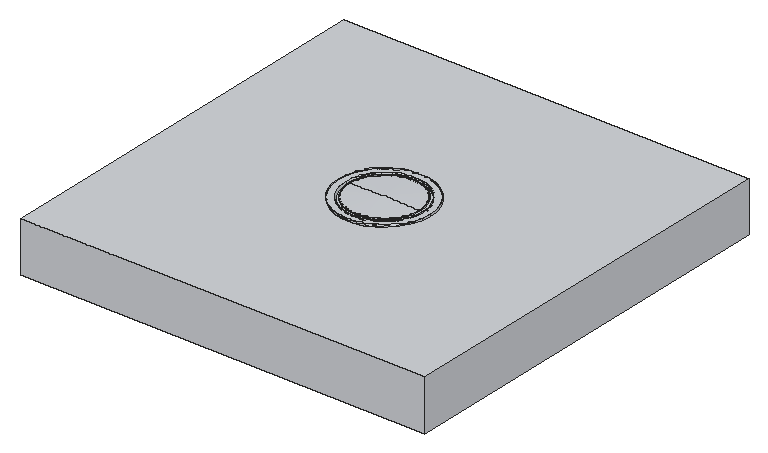
Revit family
Parameters (values of type "300")
  cc = C / 2  # 276.00 mm
  aa = A / 2  # 147.50 mm
  URL = "http://www.productspec.net/products/31091/holyoake-industries/ceiling-round-diffuser-crp.aspx"
  Type Comments = "Ceiling Round Diffuser"  # constant formula
  R = cc - F - 21.00 mm  # 214.00 mm
  J = G - 15.00 mm  # 76.00 mm
  F = 41.00 mm
  E = 490.00 mm
  C = 552.00 mm
  Model = "CRP"  # constant formula
  Manufacturer = "Holyoake Industries Ltd"  # constant formula
  r = R - 0.01 mm  # 213.99 mm
  A = 295.00 mm
  B = A - 8.00 mm  # 287.00 mm
  Diffuser [instance] = none
  Description = ""
  G = 91.00 mm
  Default Elevation = 0.00 mm
  D = 10.00 mm
  Created By = "Productspec Ltd"  # constant formula
  Author = "Zinder Zhao"  # constant formula
Types (6, lengths in mm): name | cc | aa | R | J | F | E | C | r | A | B | G | D
  (no name) | 276.00 | 147.50 | 214.00 | 76.00 | 41.00 | 490.00 | 552.00 | 213.99 | 295.00 | 287.00 | 91.00 | 10.00
  400 | 325.00 | 197.50 | 263.00 | 76.00 | 41.00 | 585.00 | 650.00 | 262.99 | 395.00 | 387.00 | 91.00 | 10.00
  350 | 300.00 | 172.50 | 238.00 | 76.00 | 41.00 | 545.00 | 600.00 | 237.99 | 345.00 | 337.00 | 91.00 | 10.00
  300 | 276.00 | 147.50 | 214.00 | 76.00 | 41.00 | 490.00 | 552.00 | 213.99 | 295.00 | 287.00 | 91.00 | 10.00
  250 | 226.00 | 122.50 | 178.00 | 73.00 | 27.00 | 410.00 | 452.00 | 177.99 | 245.00 | 237.00 | 88.00 | 8.00
  200 | 193.50 | 97.50 | 145.50 | 73.00 | 27.00 | 335.00 | 387.00 | 145.49 | 195.00 | 187.00 | 88.00 | 8.00
Reference planes
  plane 1 "Center (Front/Back)": y = 0
  plane 2: z = 0
  plane 3 "Center (Left/Right)": x = 0
  plane 4: z = -91
  plane 5: x = -147.5
  plane 6: x = 147.5
  plane 7: x = 276
  plane 8: x = -276
  plane 9: x = 143.5
  plane 10: x = -143.5
  plane 11: x = -245
  plane 12: x = 245
  plane 13: z = 10
Forms (mm)
  Extrusion 1, solid
    sketch origin (0, 0, 0) x (1, 0, 0) y (0, 1, 0)
      loop
        line (-1219.2, 1219.2) -> (-1219.2, -1219.2) -> (1219.2, -1219.2) -> (1219.2, 1219.2) -> (-1219.2, 1219.2)
    from 0 to -304.8
  Sweep 2, solid, material <- "Diffuser"
    path origin (0, 0, 0) x (1, 0, 0) y (0, 1, 0)
      loop
        circle (0, 0) r 276
    profile "Holyoake_CeilingRoundDiffuser_CRP_MountingPlate_Profile : Holyoake_CeilingRoundDiffuser_CRP_MountingPlate_Profile" origin (0, 276, 0) x (0, -1, 0) y (0, 0, 1)
      loop
        arc (43.498, 8.799) -> (42.311, 9.528) -> (41, 10) r 6.799
        line (41, 10) -> (0.8, 10)
        arc (0.8, 10) -> (0.234, 9.766) -> (0, 9.2) r 0.8
        line (0, 9.2) -> (0, 0) -> (40.899, 0) -> (44.429, -11.905)
        arc (44.429, -11.905) -> (45.91, -14.19) -> (48.329, -15.441) r 5.315
        line (48.329, -15.441) -> (108.906, -24.749) -> (118.843, -24.749)
        arc (118.843, -24.749) -> (124.623, -27.086) -> (127.158, -32.783) r 8.32
        line (127.158, -32.783) -> (128.702, -91) -> (129.982, -91) -> (128.437, -32.738)
        arc (128.437, -32.738) -> (125.513, -26.165) -> (118.843, -23.469) r 9.6
        line (118.843, -23.469) -> (108.987, -23.469) -> (48.608, -14.286) -> (45.863, -12.238) -> (41.949, 0.96) -> (0.96, 0.96) -> (0.96, 9.04) -> (40.825, 9.04)
        arc (40.825, 9.04) -> (41.784, 8.7) -> (42.669, 8.198) r 5.825
        arc (42.669, 8.198) -> (45.565, -0.015) -> (47.278, -8.554) r 61.838
        arc (47.278, -8.554) -> (47.499, -9.062) -> (47.82, -9.513) r 2.642
        arc (47.82, -9.513) -> (50.116, -11.35) -> (52.907, -12.275) r 8.329
        line (52.907, -12.275) -> (103.038, -16.834)
        arc (103.038, -16.834) -> (104.854, -17.635) -> (106.327, -18.967) r 6.244
        arc (106.327, -18.967) -> (107.248, -20.107) -> (108.567, -20.747) r 3.356
        line (108.567, -20.747) -> (125.053, -21.619)
        arc (125.053, -21.619) -> (128.647, -23.239) -> (130.203, -26.862) r 5.44
        line (130.203, -26.862) -> (131.54, -79.143) -> (132.501, -79.143) -> (131.163, -26.828)
        arc (131.163, -26.828) -> (129.332, -22.566) -> (125.103, -20.66) r 6.4
        line (125.103, -20.66) -> (108.711, -19.796)
        arc (108.711, -19.796) -> (107.773, -19.301) -> (107.141, -18.45) r 2.4
        arc (107.141, -18.45) -> (105.394, -16.842) -> (103.219, -15.89) r 7.203
        line (103.219, -15.89) -> (53.047, -11.249)
        arc (53.047, -11.249) -> (50.582, -10.424) -> (48.562, -8.787) r 7.293
        arc (48.562, -8.787) -> (48.35, -8.455) -> (48.225, -8.081) r 1.606
        arc (48.225, -8.081) -> (46.453, 0.525) -> (43.498, 8.799) r 62.838
  Sweep 3, solid, material <- "Diffuser"
    path origin (0, 0, 0) x (1, 0, 0) y (0, 1, 0)
      loop
        circle (0, 0) r 214
    profile "Holyoake_CeilingRoundDiffuser_CRP_Core_Profile : Holyoake_CeilingRoundDiffuser_CRP_Core_Profile" origin (0, 214, 0) x (0, -1, 0) y (0, 0, 1)
      loop
        line (188.11, -53.349) -> (188.11, -58.5) -> (188.59, -59.186) -> (188.59, -53.103)
        arc (188.59, -53.103) -> (101.337, -8.34) -> (4.965, 9.802) r 341.741
        arc (4.965, 9.802) -> (3.861, 9.738) -> (2.832, 9.336) r 3.519
        line (2.832, 9.336) -> (1.358, 8.3) -> (0.496, 8.3) -> (0.496, 9.855)
        arc (0.496, 9.855) -> (106.751, 15.199) -> (213.124, 17) r 3193.417
        line (213.124, 17) -> (213.99, 17.5)
        arc (213.99, 17.5) -> (106.935, 15.702) -> (0, 10.312) r 3189.087
        line (0, 10.312) -> (0, 7.5) -> (1.18, 7.5) -> (3.075, 8.922)
        arc (3.075, 8.922) -> (3.957, 9.268) -> (4.903, 9.326) r 3.039
        arc (4.903, 9.326) -> (101.045, -8.745) -> (188.11, -53.349) r 341.263
Dimensions and locks
  "G": plane 2 to plane 4
  equal spacing: plane 6, plane 3 "Center (Left/Right)", plane 5
  "A": plane 6 to plane 5
  "C": plane 7 to plane 8
  "B": plane 9 to plane 10
  equal spacing: plane 7, plane 3 "Center (Left/Right)", plane 8
  equal spacing: plane 9, plane 3 "Center (Left/Right)", plane 10
  "E": plane 12 to plane 11
  equal spacing: plane 12, plane 3 "Center (Left/Right)", plane 11
  "D": plane 13 to plane 2
  "cc": radius of Sweep 2 sketch curve
  "R": radius of Sweep 3 sketch curve
  aligned and locked: plane 2 to Extrusion 1
  aligned and locked: level to Extrusion 1
Automatic sketch dimensions
  Extrusion 1 sketch curve to Extrusion 1 sketch curve = 2438.40 mm  (x2)
  plane 1 "Center (Front/Back)" to Sweep 2 sketch curve = 0.00 mm
  Sweep 2 sketch curve to plane 3 "Center (Left/Right)" = 0.00 mm
  plane 1 "Center (Front/Back)" to Sweep 3 sketch curve = 0.00 mm
  Sweep 3 sketch curve to plane 3 "Center (Left/Right)" = 0.00 mm
Connectors
  hvac at (0, 0, -91), driven by "aa"
    settings: on Sweep 2, index 1
